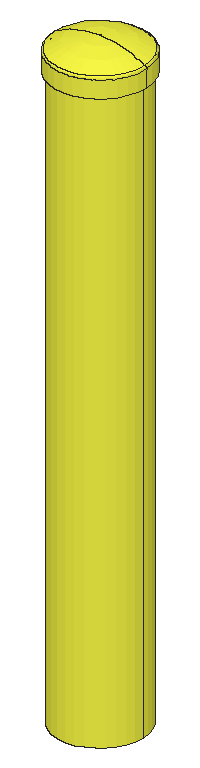
Revit family "Safety & Protection_Bollard_UltiGroup_Steel Bollard", category Generic Models, host Floor, Revit 2016
Family settings
  Host = Floor
  Part Type = Normal
  Can host rebar = No
  Round Connector Dimension = Use Diameter
  OmniClass Number = 23.40.10.14.27
  OmniClass Title = Bollards
  Work Plane-Based = No
  Always vertical = Yes
  Cut with Voids When Loaded = No
  Shared = No
  Room Calculation Point = No
Parameters (values of type "Bollard - Cast in")
  URL = "www.ultigroup.co.nz"
  Toll Free Phone = "0800 807 753"  # constant formula
  Surface Mount = no
  StyleOrType_ANZRS = ""
  Stainless Steel Bolts = Stainless Steel Bolts
  Send Message = "http://ultigroup.co.nz/contact-ulti-group/"
  Powder Coated Yellow over Galvanized Steel = Powder Coated Yellow Over Galvanized Steel
  Phone = "07 974 4691"  # constant formula
  ModifiedIssue_ANZRS = 0
  Model = "GSBC1514"
  Manufacturer = "UltiGroup"  # constant formula
  InstallationGroup_ANZRS = 0
  Fixing Hole = 95 mm
  FireRating_ANZRS = ""
  FilterObject_ANZRS = ""
  Fax = "07 846 2467"  # constant formula
  Description = "Ulti Galvanized Steel Bollard - Cast In"
  CreatedBy_ANZRS = "UltiGroup"  # constant formula
  CreatedByURL_ANZRS = "www.ultigroup.co.nz"
  CreatedByPhoneNo_ANZRS = "07 974 4691"  # constant formula
  Bollard Radius = 70 mm
  Bollard Height = 1000 mm
  Base Plate Thickness = 12 mm
  Base Plate Length / 2 = 125 mm
  Address = "17 McKee Street, Te Rapa, Hamilton, 3200, New Zealand"  # constant formula
  AcousticRating_ANZRS = ""
Types (3, lengths in mm): name | Surface Mount | Model | Description
  (no name) | no | "GSBC1514" | "Ulti Galvanized Steel Bollard - Cast In"
  Bollard - Cast in | no | "GSBC1514" | "Ulti Galvanized Steel Bollard - Cast In"
  Bollard - Surface Mount | yes | "GSBS1014" | "Ulti Galvanized Steel Bollard - Surface Mount"
Reference planes
  plane 1 "Center (Front/Back)": y = 0
  plane 2: z = 0
  plane 3 "Center (Left/Right)": x = 0
  plane 4: y = 125
  plane 5: y = -125
  plane 6: x = -125
  plane 7: x = 125
  plane 8: z = 1000
  plane 9: z = 12
  plane 10: y = 70
  plane 11: y = -70
  plane 12: x = -70
  plane 13: x = 70
  plane 14: x = 95
  plane 15: x = -95
  plane 16: y = 95
  plane 17: y = -95
  plane 18: z = 950
  plane 19: z = 14
  plane 20: z = 24
Forms (mm)
  Extrusion 1, solid, material "Powder Coated Yellow Over Galvanized Steel" <- "Powder Coated Yellow over Galvanized Steel", visible <- "Surface Mount"
    sketch origin (0, 0, 0) x (1, 0, 0) y (0, 1, 0)
      loop
        arc (-100, 125) -> (-117.678, 117.678) -> (-125, 100) r 25
        line (-125, 100) -> (-125, -100)
        arc (-125, -100) -> (-117.678, -117.678) -> (-100, -125) r 25
        line (-100, -125) -> (100, -125)
        arc (100, -125) -> (117.678, -117.678) -> (125, -100) r 25
        line (125, -100) -> (125, 100)
        arc (125, 100) -> (117.678, 117.678) -> (100, 125) r 25
        line (100, 125) -> (-100, 125)
      loop
        circle (0, 0) r 70
    from 0 to 12
  Extrusion 2, void
    sketch origin (0, 0, 0) x (1, 0, 0) y (0, 1, 0)
      loop
        circle (-95, 95) r 10
      loop
        circle (95, 95) r 10
      loop
        circle (-95, -95) r 10
      loop
        circle (95, -95) r 10
    from 0 to 12
  Extrusion 3, solid, material "Powder Coated Yellow Over Galvanized Steel" <- "Powder Coated Yellow over Galvanized Steel"
    sketch origin (0, 0, 0) x (1, 0, 0) y (0, 1, 0)
      loop
        circle (0, 0) r 70
      loop
        circle (0, 0) r 66
    from 0 to 950
  Revolve 4, solid, material "Powder Coated Yellow Over Galvanized Steel" <- "Powder Coated Yellow over Galvanized Steel"
    sketch origin (0, 0, 0) x (1, 0, 0) y (0, 0, 1)
      loop
        arc (75, 977.094) -> (74.31, 979.628) -> (72.431, 981.463) r 5
        arc (72.431, 981.463) -> (37.884, 995.29) -> (0.973, 1000) r 147
        line (0.973, 1000) -> (0, 1000) -> (0, 995) -> (0.973, 995)
        arc (0.973, 995) -> (36.342, 990.525) -> (69.482, 977.38) r 142
        arc (69.482, 977.38) -> (69.861, 977.013) -> (70, 976.504) r 1
        line (70, 976.504) -> (70, 955) -> (66, 955) -> (66, 950) -> (75, 950) -> (75, 977.094)
      axis (0, 950) -> (0, 1000)
    angle from 0 to 360
  Extrusion 5, solid, material "Stainless Steel Bolts" <- "Stainless Steel Bolts", visible <- "Surface Mount"
    sketch origin (0, 0, 0) x (1, 0, 0) y (0, 1, 0)
      loop
        circle (-95, 95) r 10
    from 0 to 24
  Extrusion 6, solid, material "Stainless Steel Bolts" <- "Stainless Steel Bolts", visible <- "Surface Mount"
    sketch origin (0, 0, 0) x (1, 0, 0) y (0, 1, 0)
      loop
        circle (-95, 95) r 15
    from 12 to 14
  Extrusion 7, solid, material "Stainless Steel Bolts" <- "Stainless Steel Bolts", visible <- "Surface Mount"
    sketch origin (0, 0, 0) x (1, 0, 0) y (0, 1, 0)
      loop
        line (-81, 95) -> (-88, 107.124) -> (-102, 107.124) -> (-109, 95) -> (-102, 82.876) -> (-88, 82.876) -> (-81, 95)
      loop
        circle (-95, 95) r 10
    from 14 to 24
  Extrusion 8, solid, material "Stainless Steel Bolts" <- "Stainless Steel Bolts", visible <- "Surface Mount"
    sketch origin (0, 0, 0) x (1, 0, 0) y (0, 1, 0)
      loop
        circle (-95, -95) r 10
    from 0 to 24
  Extrusion 9, solid, material "Stainless Steel Bolts" <- "Stainless Steel Bolts", visible <- "Surface Mount"
    sketch origin (0, 0, 0) x (1, 0, 0) y (0, 1, 0)
      loop
        circle (-95, -95) r 15
    from 12 to 14
  Extrusion 10, solid, material "Stainless Steel Bolts" <- "Stainless Steel Bolts", visible <- "Surface Mount"
    sketch origin (0, 0, 0) x (1, 0, 0) y (0, 1, 0)
      loop
        line (-81, -95) -> (-88, -82.876) -> (-102, -82.876) -> (-109, -95) -> (-102, -107.124) -> (-88, -107.124) -> (-81, -95)
      loop
        circle (-95, -95) r 10
    from 14 to 24
  Extrusion 11, solid, material "Stainless Steel Bolts" <- "Stainless Steel Bolts", visible <- "Surface Mount"
    sketch origin (0, 0, 0) x (1, 0, 0) y (0, 1, 0)
      loop
        circle (95, 95) r 10
    from 0 to 24
  Extrusion 12, solid, material "Stainless Steel Bolts" <- "Stainless Steel Bolts", visible <- "Surface Mount"
    sketch origin (0, 0, 0) x (1, 0, 0) y (0, 1, 0)
      loop
        circle (95, 95) r 15
    from 12 to 14
  Extrusion 13, solid, material "Stainless Steel Bolts" <- "Stainless Steel Bolts", visible <- "Surface Mount"
    sketch origin (0, 0, 0) x (1, 0, 0) y (0, 1, 0)
      loop
        line (109, 95) -> (102, 107.124) -> (88, 107.124) -> (81, 95) -> (88, 82.876) -> (102, 82.876) -> (109, 95)
      loop
        circle (95, 95) r 10
    from 14 to 24
  Extrusion 14, solid, material "Stainless Steel Bolts" <- "Stainless Steel Bolts", visible <- "Surface Mount"
    sketch origin (0, 0, 0) x (1, 0, 0) y (0, 1, 0)
      loop
        circle (95, -95) r 10
    from 0 to 24
  Extrusion 15, solid, material "Stainless Steel Bolts" <- "Stainless Steel Bolts", visible <- "Surface Mount"
    sketch origin (0, 0, 0) x (1, 0, 0) y (0, 1, 0)
      loop
        circle (95, -95) r 15
    from 12 to 14
  Extrusion 16, solid, material "Stainless Steel Bolts" <- "Stainless Steel Bolts", visible <- "Surface Mount"
    sketch origin (0, 0, 0) x (1, 0, 0) y (0, 1, 0)
      loop
        line (109, -95) -> (102, -82.876) -> (88, -82.876) -> (81, -95) -> (88, -107.124) -> (102, -107.124) -> (109, -95)
      loop
        circle (95, -95) r 10
    from 14 to 24
Cuts and joins
  Extrusion 2 cuts Extrusion 1
  joined: Extrusion 5, Extrusion 7
  joined: Extrusion 8, Extrusion 10
  joined: Extrusion 11, Extrusion 13
  joined: Extrusion 14, Extrusion 16
Dimensions and locks
  "Base Plate Length / 2": plane 6 to plane 3 "Center (Left/Right)"
  "Base Plate Length / 2": plane 3 "Center (Left/Right)" to plane 7
  "Base Plate Length / 2": plane 1 "Center (Front/Back)" to plane 5
  "Base Plate Length / 2": plane 1 "Center (Front/Back)" to plane 4
  "Bollard Height": plane 8 to level
  "Base Plate Thickness": plane 9 to level
  "Bollard Radius": plane 12 to plane 3 "Center (Left/Right)"
  "Bollard Radius": plane 3 "Center (Left/Right)" to plane 13
  "Bollard Radius": plane 1 "Center (Front/Back)" to plane 10
  "Bollard Radius": plane 1 "Center (Front/Back)" to plane 11
  "Fixing Hole": plane 3 "Center (Left/Right)" to plane 14
  "Fixing Hole": plane 15 to plane 3 "Center (Left/Right)"
  "Fixing Hole": plane 1 "Center (Front/Back)" to plane 16
  "Fixing Hole": plane 17 to plane 1 "Center (Front/Back)"
  locked: plane 8 to plane 18 at 50
  locked: plane 19 to plane 9 at 2
  locked: plane 20 to plane 19 at 10
  aligned and locked: level to plane 2
  aligned and locked: Extrusion 1 sketch curve to plane 7
  aligned and locked: Extrusion 1 sketch curve to plane 6
  aligned and locked: Extrusion 1 sketch curve to plane 5
  aligned and locked: plane 9 to Extrusion 1
  aligned and locked: plane 9 to cut or joined group of Extrusion 1, Extrusion 2
  aligned and locked: Extrusion 3 sketch curve to cut or joined group of Extrusion 1, Extrusion 2  (x2)
  aligned and locked: plane 18 to Extrusion 3
  aligned and locked: Revolve 4 sketch curve to plane 18
  aligned and locked: Revolve 4 sketch curve to plane 3 "Center (Left/Right)"
  aligned and locked: Revolve 4 sketch curve to plane 8
  aligned and locked: Extrusion 5 sketch curve to cut or joined group of Extrusion 1, Extrusion 2  (x2)
  aligned and locked: plane 19 to Extrusion 6
  aligned and locked: plane 20 to Extrusion 5
  aligned and locked: Extrusion 8 sketch curve to cut or joined group of Extrusion 1, Extrusion 2  (x2)
  aligned and locked: plane 20 to cut or joined group of Extrusion 5, Extrusion 7
  aligned and locked: plane 20 to Extrusion 8
  aligned and locked: plane 19 to Extrusion 9
  aligned and locked: Extrusion 9 to cut or joined group of Extrusion 1, Extrusion 2
  aligned and locked: Extrusion 10 sketch curve to Extrusion 8  (x2)
  aligned and locked: plane 20 to Extrusion 10
  aligned and locked: Extrusion 10 to Extrusion 9
  aligned and locked: Extrusion 11 sketch curve to cut or joined group of Extrusion 1, Extrusion 2  (x2)
  aligned and locked: plane 20 to Extrusion 11
  aligned and locked: plane 19 to Extrusion 12
  aligned and locked: Extrusion 12 to cut or joined group of Extrusion 1, Extrusion 2
  aligned and locked: Extrusion 13 sketch curve to Extrusion 11  (x2)
  aligned and locked: plane 20 to Extrusion 13
  aligned and locked: Extrusion 13 to Extrusion 12
  aligned and locked: Extrusion 14 sketch curve to cut or joined group of Extrusion 1, Extrusion 2  (x2)
  aligned and locked: plane 20 to Extrusion 14
  aligned and locked: plane 19 to Extrusion 15
  aligned and locked: Extrusion 15 to cut or joined group of Extrusion 1, Extrusion 2
  aligned and locked: Extrusion 16 sketch curve to Extrusion 14  (x2)
  aligned and locked: plane 20 to Extrusion 16
  aligned and locked: Extrusion 16 to Extrusion 15
Automatic sketch dimensions
  Extrusion 1 sketch curve to plane 4 = 0 mm
  plane 1 "Center (Front/Back)" to Extrusion 1 sketch curve = 0 mm
  Extrusion 1 sketch curve to plane 3 "Center (Left/Right)" = 0 mm
  Extrusion 1 sketch curve to Extrusion 1 sketch curve = 25 mm  (x2)
  plane 6 to Extrusion 1 sketch curve = 25 mm
  plane 5 to Extrusion 1 sketch curve = 25 mm
  Extrusion 2 sketch curve to plane 15 = 0 mm  (x2)
  Extrusion 2 sketch curve to plane 14 = 0 mm  (x2)
  Extrusion 2 sketch curve to plane 17 = 0 mm  (x2)
  Extrusion 2 sketch curve to plane 16 = 0 mm  (x2)
  Extrusion 3 sketch curve to Extrusion 3 sketch curve = 0 mm  (x2)
  plane 12 to Extrusion 3 sketch curve = 4 mm
  Revolve 4 sketch curve to Revolve 4 sketch curve = 0 mm  (x2)
  Revolve 4 sketch curve to plane 3 "Center (Left/Right)" = 0 mm
  Revolve 4 sketch curve to plane 13 = 0 mm  (x2)
  Revolve 4 sketch curve to plane 8 = 0 mm
  Revolve 4 sketch curve to Revolve 4 sketch curve = 0.973 mm
  Revolve 4 sketch curve to Revolve 4 sketch curve = 1 mm
  Revolve 4 sketch curve to Revolve 4 sketch curve = 4 mm
  plane 13 to Revolve 4 sketch curve = 5 mm
  Revolve 4 sketch curve to plane 18 = 97 mm
  Revolve 4 sketch curve to Revolve 4 sketch curve = 5 mm
  Revolve 4 sketch curve to Revolve 4 sketch curve = 21.504 mm
  Revolve 4 sketch curve to Revolve 4 sketch curve = 0.589 mm
  Revolve 4 sketch curve to plane 8 = 5 mm
  Revolve 4 sketch curve to level = 1000 mm
  Extrusion 6 sketch curve to plane 15 = 0 mm
  Extrusion 6 sketch curve to plane 16 = 0 mm
  Extrusion 7 sketch curve to plane 16 = 0 mm  (x3)
  Extrusion 7 sketch curve to Extrusion 7 sketch curve = 4 mm  (x2)
  Extrusion 7 sketch curve to plane 15 = 7 mm  (x2)
  plane 15 to Extrusion 7 sketch curve = 7 mm  (x2)
  Extrusion 7 sketch curve to plane 16 = 12.124 mm
  plane 16 to Extrusion 7 sketch curve = 12.124 mm
  Extrusion 7 sketch curve to Extrusion 7 sketch curve = 0 mm  (x2)
  Extrusion 7 sketch curve to plane 15 = 0 mm
  Extrusion 7 sketch curve to Extrusion 7 sketch curve = 14 mm
  Extrusion 9 sketch curve to plane 15 = 0 mm
  Extrusion 9 sketch curve to plane 17 = 0 mm
  Extrusion 10 sketch curve to plane 17 = 0 mm  (x2)
  Extrusion 10 sketch curve to Extrusion 10 sketch curve = 4 mm  (x2)
  Extrusion 10 sketch curve to plane 15 = 7 mm  (x2)
  plane 15 to Extrusion 10 sketch curve = 7 mm  (x2)
  Extrusion 10 sketch curve to plane 17 = 12.124 mm
  plane 17 to Extrusion 10 sketch curve = 12.124 mm
  Extrusion 12 sketch curve to plane 14 = 0 mm
  Extrusion 12 sketch curve to plane 16 = 0 mm
  Extrusion 13 sketch curve to plane 16 = 0 mm  (x2)
  Extrusion 13 sketch curve to Extrusion 13 sketch curve = 4 mm  (x2)
  Extrusion 13 sketch curve to plane 14 = 7 mm  (x2)
  plane 14 to Extrusion 13 sketch curve = 7 mm  (x2)
  Extrusion 13 sketch curve to plane 16 = 12.124 mm
  plane 16 to Extrusion 13 sketch curve = 12.124 mm
  Extrusion 15 sketch curve to plane 14 = 0 mm
  Extrusion 15 sketch curve to plane 17 = 0 mm
  Extrusion 16 sketch curve to plane 17 = 0 mm  (x2)
  Extrusion 16 sketch curve to Extrusion 16 sketch curve = 4 mm  (x2)
  Extrusion 16 sketch curve to plane 14 = 7 mm  (x2)
  plane 14 to Extrusion 16 sketch curve = 7 mm  (x2)
  Extrusion 16 sketch curve to plane 17 = 12.124 mm
  plane 17 to Extrusion 16 sketch curve = 12.124 mm
  radius of Extrusion 1 sketch curve = 70 mm
  radius of Extrusion 2 sketch curve = 10 mm  (x4)
  radius of Extrusion 6 sketch curve = 15 mm
  radius of Extrusion 9 sketch curve = 15 mm
  radius of Extrusion 12 sketch curve = 15 mm
  radius of Extrusion 15 sketch curve = 15 mm
